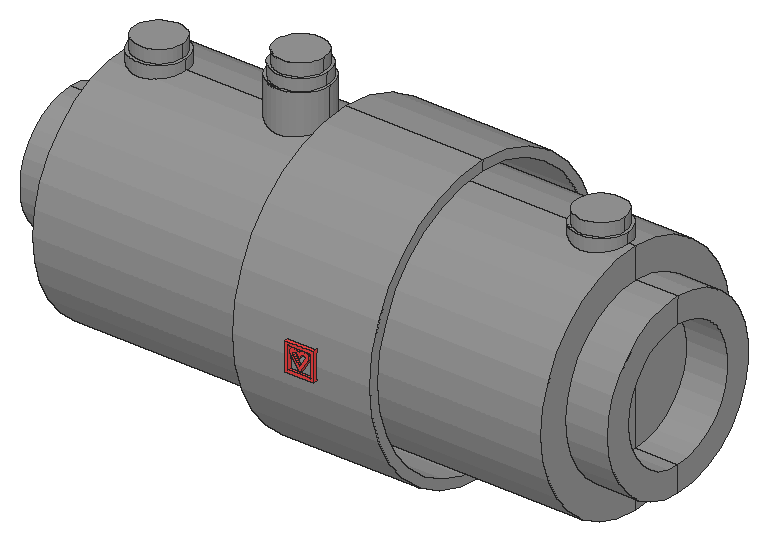
Revit family "Systemtrenner 0307 AG-IG", category Rohrzubehör, Revit 2021
Family settings
  Bemaßung runder Anschluss = Durchmesser verwenden
  Teiletyp = Unterbricht
  OmniClass-Nummer = 23.65.55.14
  OmniClass-Titel = Valves for Liquid Services
  Arbeitsebenenbasiert = Nein
  Immer vertikal = Ja
  Beim Laden mit Abzugskörper schneiden = Nein
  Gemeinsam genutzt = Nein
Parameters (values of type "AG-IG DN40-DN40")
  Vorgabe-Ansicht = 0.000 mm
  URL = "www.herz-armaturen.at"
  SCTWSEQ = "AW;SBT_TYP_AW=\"104\";2"
  SCTWCODE = "04;12;02"  # constant formula
  S03 = 15.000 mm  # constant formula
  S02 = 45.000 mm  # constant formula
  S01 = 98.000 mm  # constant formula
  Nennweite Ein [instance] = if(AG_IG_DN40_DN40, 40.000 mm, if(AG_IG_DN40_DN50, 40.000 mm, if(AG_IG_DN50_DN40, 50.000 mm, if(AG_IG_DN50_DN50, 50.000 mm, 0.000 mm))))  # 40.000 mm
  Nennweite Aus [instance] = if(AG_IG_DN40_DN40, 40.000 mm, if(AG_IG_DN40_DN50, 50.000 mm, if(AG_IG_DN50_DN40, 40.000 mm, if(AG_IG_DN50_DN50, 50.000 mm, 0.000 mm))))  # 40.000 mm
  Medium = "Wasser (ohne Dampf)"
  Max. Betriebstemperatur (Kurzzeitig) = 80 °C  # constant formula
  Max. Betriebstemperatur = 65 °C  # constant formula
  Max. Betriebsdruck = 1000000.0 Pa  # constant formula
  L07 = 24.500 mm  # constant formula
  L06 = 73.000 mm  # constant formula
  L05 = 28.000 mm  # constant formula
  L04 = 13.500 mm  # constant formula
  L03 = 87.500 mm  # constant formula
  L02 = 18.000 mm  # constant formula
  L01 = 193.000 mm  # constant formula
  Hinweis = "Gemäß Art 33 der REACH-Verordnung (EG Nr. 1907/2006) sind wir verpflichtet, darauf hinzuweisen, dass der Stoff Blei auf der SVHC-Liste geführt wird und dass alle aus Messing bestehenden Bauteile, die in unseren Erzeugnissen verarbeitet sind, mehr als 0,1 % (w/w) Blei (CAS: 7439-92-1 / EINECS: 231-100-4) enthalten.\r\nDa Blei als Legierungsbestandteil fest gebunden ist, sind keine Expositionen zu erwarten und daher sind keine zusätzlichen Angaben zur sicheren Verwendung notwendig."
  Hersteller = "HERZ Armaturen Ges.m.b.H."  # constant formula
  Gehäuse = "Edelstahl"  # constant formula
  Einbaulage = "waagrecht oder senkrecht nach unten zeigend"  # constant formula
  D03 [instance] = if(AG_IG_DN40_DN40, 28.000 mm, if(AG_IG_DN40_DN50, 33.000 mm, if(AG_IG_DN50_DN40, 28.000 mm, if(AG_IG_DN50_DN50, 33.000 mm, 0.000 mm))))  # 28.000 mm
  D02 = 45.000 mm  # constant formula
  D01 = 37.500 mm  # constant formula
  Bestellnummer [instance] = if(AG_IG_DN40_DN40, "I030704", if(AG_IG_DN40_DN50, "I030712", if(AG_IG_DN50_DN40, "I030716", if(AG_IG_DN50_DN50, "I030708", "0"))))  # "I030704"
  Ausführung = "Der Systemtrenner wurde nach der Norm DIN EN 1717 entwickelt.\r\nLaut dieser Norm ist die Wasserqualität je nach Grad der Verschmutzung in 5 Klassen eingeteilt.\r\nDer Systemtrenner Typ BA erlaubt eine Absicherung gegen Nichttrinkwasser bis zur Gefahrenklasse 4, der höchsten Gefahrenklasse, die mit einer Armatur abgesichert werden kann.\r\nEine niedrigere Absicherung eines Standrohres als mit einem Systemtrenner BA nach DIN EN 1717 entspricht nicht mehr dem Stand der Technik und führt damit bei einem Schadensfall zur Haftpflicht des Betreibers eines solchen Standrohres.\r\nDie Funktionseinheit ist als einteilige Kartusche mit groß bemessenem Steuerkolben und druckstoßgedämpftem Ablassventilsystem ausgebildet.\r\nGewindeanschlüsse sind untereinander austauschbar, wodurch 16 mögliche Anschlussvarianten (Eingangs- und Ausgangsseite erhältlich in 1 1/2” Innen- oder Außengewinde alternativ in 2” Innen- oder Außengewinde)."
  Anwendung = "Der Systemtrenner ist eine kostengünstige Lösung zum Nachrüsten von Standrohren mit der nach DIN EN 1717 zwingend vorgeschriebenen Sicherungsarmatur gegen Rücksaugen, Rückfließen oder Rückdrücken von Nichttrinkwasser in die Trinkwasserleitung.\r\nDer Systemtrenner ist für den waagerechten Einbau geeignet.\r\nEr kann auch senkrecht montiert werden aber nach unten zeigend.\r\nFür den Einbau in eine Steigleitung ist er nicht zulässig."
  AG_IG_DN50_DN50 = no
  AG_IG_DN50_DN40 = no
  AG_IG_DN40_DN50 = no
  AG_IG_DN40_DN40 = yes
  IG Aus [instance] = Nennweite Aus / 2  # 20.000 mm
  AG Ein [instance] = Nennweite Ein / 2  # 20.000 mm
Types (5, lengths in mm): name | Nennweite Ein | Nennweite Aus | D03 | Bestellnummer | AG_IG_DN50_DN50 | AG_IG_DN50_DN40 | AG_IG_DN40_DN50 | AG_IG_DN40_DN40 | IG Aus | AG Ein
  (no name) | 40.000 | 40.000 | 28.000 | "I030704" | no | no | no | yes | 20.000 | 20.000
  AG-IG DN40-DN50 | 40.000 | 50.000 | 33.000 | "I030712" | no | no | yes | no | 25.000 | 20.000
  AG-IG DN40-DN40 | 40.000 | 40.000 | 28.000 | "I030704" | no | no | no | yes | 20.000 | 20.000
  AG-IG DN50-DN50 | 50.000 | 50.000 | 33.000 | "I030708" | yes | no | no | no | 25.000 | 25.000
  AG-IG DN50-DN40 | 50.000 | 40.000 | 28.000 | "I030716" | no | yes | no | no | 20.000 | 25.000
Reference planes
  plane 1 "Mitte (Vorne/hinten)": y = 0
  plane 2: z = 0
  plane 3 "Mitte (Links/rechts)": x = 0
Forms (mm)
  Revolve 1, solid, material "Messing, weicher Gelbton, geschweißt", detail levels fine
    sketch origin (0, 0, 0) x (1, 0, 0) y (0, 0, 1)
      loop
        line (-96.5, 0) -> (83, 0) -> (83, 20) -> (96.5, 20) -> (96.5, 28) -> (83, 28) -> (83, 37.5) -> (-78.5, 37.5) -> (-78.5, 20) -> (-96.5, 20) -> (-96.5, 0)
      axis (-96.5, 0) -> (96.5, 0)
    angle from 0 to 360
  Revolve 2, solid, material "Acetalharz, Schwarz", detail levels fine
    sketch origin (0, 0, 0) x (1, 0, 0) y (0, 0, 1)
      loop
        line (-9, 0) -> (1.5, 0) -> (1.5, 42) -> (34.5, 42) -> (34.5, 45) -> (-9, 45) -> (-9, 0)
      axis (-9, 0) -> (34.5, 0)
    angle from 0 to 360
  Extrusion 3, solid, material "Messing, weicher Gelbton, geschweißt", detail levels fine
    sketch origin (0, 0, 0) x (1, 0, 0) y (0, 1, 0)
      loop
        circle (-68.5, 0) r 8.5
      loop
        circle (72, 0) r 8.5
    from 0 to 40.5
  Extrusion 4, solid, material "Acetalharz, Schwarz", detail levels fine
    sketch origin (0, 0, 0) x (1, 0, 0) y (0, 1, 0)
      loop
        circle (-68.5, 0) r 7.5
      loop
        circle (72, 0) r 7.5
    from 40.5 to 44.5
  Extrusion 5, solid, material "Messing, weicher Gelbton, geschweißt", detail levels fine
    sketch origin (0, 0, 0) x (1, 0, 0) y (0, 1, 0)
      loop
        circle (-23.5, 0) r 9.3
    from 0 to 49
  Extrusion 6, solid, material "Messing, weicher Gelbton, geschweißt", detail levels fine
    sketch origin (0, 0, 0) x (1, 0, 0) y (0, 1, 0)
      loop
        circle (-23.5, 0) r 8.5
    from 49 to 52.5
  Extrusion 7, solid, material "Acetalharz, Schwarz", visible <- "AG_IG_DN40_DN50", detail levels fine
    sketch origin (0, 0, 0) x (1, 0, 0) y (0, 1, 0)
      loop
        circle (-23.5, 0) r 7.5
    from 52.5 to 56.5
  Extrusion 8, solid, material "Acetalharz, Schwarz", visible <- "AG_IG_DN40_DN40", detail levels fine
    sketch origin (0, 0, 0) x (1, 0, 0) y (0, 1, 0)
      loop
        circle (-23.5, 0) r 7.5
    from 52.5 to 56.4
  Extrusion 9, solid, material "Acetalharz, Schwarz", visible <- "AG_IG_DN50_DN50", detail levels fine
    sketch origin (0, 0, 0) x (1, 0, 0) y (0, 1, 0)
      loop
        circle (-23.5, 0) r 7.5
    from 52.5 to 56.3
  Extrusion 10, solid, material "Acetalharz, Schwarz", visible <- "AG_IG_DN50_DN40", detail levels fine
    sketch origin (0, 0, 0) x (1, 0, 0) y (0, 1, 0)
      loop
        circle (-23.5, 0) r 7.5
    from 52.5 to 56.2
Lines and regions (mm)
  model lines, detail levels coarse+medium
    curve 1: line (-96.5, 0, 37.5) -> (96.5, 0, 37.5)
    curve 2: line (-96.5, 0, -37.5) -> (-96.5, 0, 37.5)
    curve 3: line (96.5, 0, -37.5) -> (-96.5, 0, -37.5)
    curve 4: line (96.5, 0, 37.5) -> (96.5, 0, -37.5)
    curve 5: line (-96.5, 0, -22.5) -> (-51.5, 0, -22.5)
    curve 6: line (-1.5, 0, -22.5) -> (96.5, 0, -22.5)
    curve 7: line (-96.5, 0, 22.5) -> (-51.5, 0, 22.5)
    curve 8: line (-1.5, 0, 22.5) -> (96.5, 0, 22.5)
    curve 9: line (-96.5, 37.5, 0) -> (96.5, 37.5, 0)
    curve 10: line (-96.5, -37.5, 0) -> (-96.5, 37.5, 0)
    curve 11: line (96.5, -37.5, 0) -> (-96.5, -37.5, 0)
    curve 12: line (96.5, 37.5, 0) -> (96.5, -37.5, 0)
    curve 13: line (-96.5, 22.5, 0) -> (-51.5, 22.5, 0)
    curve 14: line (-1.5, 22.5, 0) -> (96.5, 22.5, 0)
    curve 15: line (-96.5, -22.5, 0) -> (-51.5, -22.5, 0)
    curve 16: line (-1.5, -22.5, 0) -> (96.5, -22.5, 0)
Dimensions and locks
  "L04": Revolve 1 sketch curve to Revolve 1 sketch curve
  "L02": Revolve 1 sketch curve to Revolve 1 sketch curve
  "L01": Revolve 1 sketch curve to Revolve 1 sketch curve
  equal spacing: Revolve 1 sketch curve, plane 3 "Mitte (Links/rechts)", Revolve 1 sketch curve
  "AG Ein": Revolve 1 sketch curve to plane 2
  "D01": Revolve 1 sketch curve to plane 2
  "L03": Revolve 1 to Revolve 2 sketch curve
  equal spacing: curve 4, plane 3 "Mitte (Links/rechts)", curve 2
  "L01": curve 4 to curve 2
  "D01": curve 1 to plane 2 to curve 3
  "S03": curve 5 to curve 3
  "S03": curve 1 to curve 7
  "S03": curve 1 to curve 8
  "S03": curve 6 to curve 3
  "S02": curve 5 to curve 2
  "S02": curve 7 to curve 2
  "S01": curve 8 to curve 4
  "S01": curve 6 to curve 4
  equal spacing: curve 10, plane 3 "Mitte (Links/rechts)", curve 12
  "L01": curve 10 to curve 12
  "D01": curve 11 to plane 1 "Mitte (Vorne/hinten)" to curve 9
  "S03": curve 13 to curve 9
  "S03": curve 11 to curve 15
  "S03": curve 14 to curve 9
  "S03": curve 11 to curve 16
  "S01": curve 14 to curve 12
  "S01": curve 16 to curve 12
  "S02": curve 10 to curve 15
  "S02": curve 10 to curve 13
  "D02": Revolve 2 sketch curve to Revolve 2 sketch curve
  equal spacing: Revolve 2, nested 1, Revolve 2
  "D02": nested 1 to plane 1 "Mitte (Vorne/hinten)"
  "D03": Revolve 1 sketch curve to plane 2
  "IG Aus": Revolve 1 sketch curve to plane 2
  "L05": Revolve 1 to Extrusion 3 sketch curve
  "L05": Revolve 1 to Extrusion 4 sketch curve
  "L06": Revolve 1 to Extrusion 5 sketch curve
  "L06": Revolve 1 to Extrusion 6 sketch curve
  "L06": Revolve 1 to Extrusion 10 sketch curve
  "L06": Revolve 1 to Extrusion 9 sketch curve
  "L06": Revolve 1 to Extrusion 8 sketch curve
  "L06": Revolve 1 to Extrusion 7 sketch curve
  "L07": Extrusion 3 sketch curve to Revolve 1
  "L07": Extrusion 4 sketch curve to Revolve 1
  aligned and locked: level to plane 2
Automatic sketch dimensions
  Revolve 1 sketch curve to level = 0.000 mm  (x2)
  Revolve 1 sketch curve to Revolve 1 sketch curve = 0.000 mm
  Revolve 1 sketch curve to Revolve 1 sketch curve = 1408.530 mm
  Revolve 1 sketch curve to Revolve 1 sketch curve = 1741.148 mm
  Revolve 2 sketch curve to level = 0.000 mm  (x2)
  plane 3 "Mitte (Links/rechts)" to Revolve 2 sketch curve = 1.500 mm
  Revolve 2 sketch curve to Revolve 2 sketch curve = 33.000 mm
  Revolve 2 sketch curve to Revolve 2 sketch curve = 3.000 mm
  Revolve 2 sketch curve to Revolve 2 sketch curve = 1496.030 mm
  Revolve 2 sketch curve to Revolve 2 sketch curve = 1804.648 mm
  plane 1 "Mitte (Vorne/hinten)" to Extrusion 3 sketch curve = 0.000 mm  (x2)
  plane 1 "Mitte (Vorne/hinten)" to Extrusion 4 sketch curve = 0.000 mm  (x2)
  plane 1 "Mitte (Vorne/hinten)" to Extrusion 5 sketch curve = 0.000 mm
  plane 1 "Mitte (Vorne/hinten)" to Extrusion 6 sketch curve = 0.000 mm
  plane 1 "Mitte (Vorne/hinten)" to Extrusion 7 sketch curve = 0.000 mm
  plane 1 "Mitte (Vorne/hinten)" to Extrusion 8 sketch curve = 0.000 mm
  plane 1 "Mitte (Vorne/hinten)" to Extrusion 9 sketch curve = 0.000 mm
  plane 1 "Mitte (Vorne/hinten)" to Extrusion 10 sketch curve = 0.000 mm
  radius of Extrusion 3 sketch curve = 8.500 mm  (x2)
  radius of Extrusion 4 sketch curve = 7.500 mm  (x2)
  radius of Extrusion 5 sketch curve = 9.300 mm
  radius of Extrusion 6 sketch curve = 8.500 mm
  radius of Extrusion 7 sketch curve = 7.500 mm
  radius of Extrusion 8 sketch curve = 7.500 mm
  radius of Extrusion 9 sketch curve = 7.500 mm
  radius of Extrusion 10 sketch curve = 7.500 mm
Nested families
  nested 1: "Herz-Logo-vorne" at (12.75, -45, 0) x (0, 1, 0) z (0, 0, 1), type "Herz-Logo-vorne", detail levels fine
Connectors
  piping at (-96.5, 0, 0), diameter 40, driven by "Nennweite Ein"
    settings: on Revolve 1, index 2, connector inside diameter 609.6 mm, connector length 0.000 mm, flow factor 0, pipe flow 0.0 L/s, pressure drop 0.0 Pa, fitting loss kfactor 0, connector angle 0.00°, fixture units 0, engagement length 0.000 mm, angle of deflection 0.00°, flow configuration 0, flow direction 1, fitting loss method 0, system type 29, joint type 0, gender type 0, connector reference index -1, connector utility 0, adjustable connector no, is connector primary yes, connector description ""
  piping at (83, 0, 0), diameter 40, driven by "Nennweite Aus"
    settings: on Revolve 1, index 3, connector inside diameter 609.6 mm, connector length 0.000 mm, flow factor 0, pipe flow 0.0 L/s, pressure drop 0.0 Pa, fitting loss kfactor 0, connector angle 0.00°, fixture units 0, engagement length 0.000 mm, angle of deflection 0.00°, flow configuration 0, flow direction 2, fitting loss method 0, system type 29, joint type 0, gender type 0, connector reference index -1, connector utility 0, adjustable connector no, is connector primary no, connector description ""
Definition of nested family "Herz-Logo-vorne"
  Parameters (values of type "Herz-Logo-vorne")
    Default Elevation = 0.000 mm
  Reference planes
    plane 1 "Mitte (Vorne/hinten)": y = 0
    plane 2: z = 0
    plane 3 "Mitte (Links/rechts)": x = 0
  Forms (mm)
    Extrusion 1, solid
      sketch origin (0.732, -0.018, 0.017) x (0, -1, 0) y (0, 0, 1)
        loop
          line (-0.018, -4.517) -> (4.482, -4.517) -> (4.482, 4.483) -> (-4.518, 4.483) -> (-4.518, -4.517) -> (-0.018, -4.517)
        loop
          line (-0.05, -3.48) -> (3.482, -3.48) -> (3.482, 3.483) -> (-3.518, 3.483) -> (-3.518, -3.48) -> (-0.05, -3.48)
        loop
          arc (-0.018, 2.383) -> (-1.543, 3.287) -> (-3.067, 2.383) r 1.738
          arc (-3.067, 2.383) -> (-3.191, 1.899) -> (-3.067, 1.415) r 1.009
          line (-3.067, 1.415) -> (-0.018, -3.281) -> (3.032, 1.415)
          arc (3.032, 1.415) -> (3.156, 1.899) -> (3.032, 2.383) r 1.009
          arc (3.032, 2.383) -> (1.507, 3.287) -> (-0.018, 2.383) r 1.738
        loop
          arc (1.885, 1.272) -> (2.005, 1.675) -> (1.885, 2.079) r 0.74
          arc (1.885, 2.079) -> (1.265, 2.416) -> (0.644, 2.079) r 0.74
          line (0.644, 2.079) -> (-0.018, 0.97) -> (-0.679, 2.079)
          arc (-0.679, 2.079) -> (-1.3, 2.416) -> (-1.921, 2.079) r 0.74
          arc (-1.921, 2.079) -> (-2.04, 1.675) -> (-1.921, 1.272) r 0.74
          line (-1.921, 1.272) -> (-0.018, -1.658) -> (1.885, 1.272)
      from 0 to 1.5
  Dimensions and locks
    aligned and locked: level to plane 2
